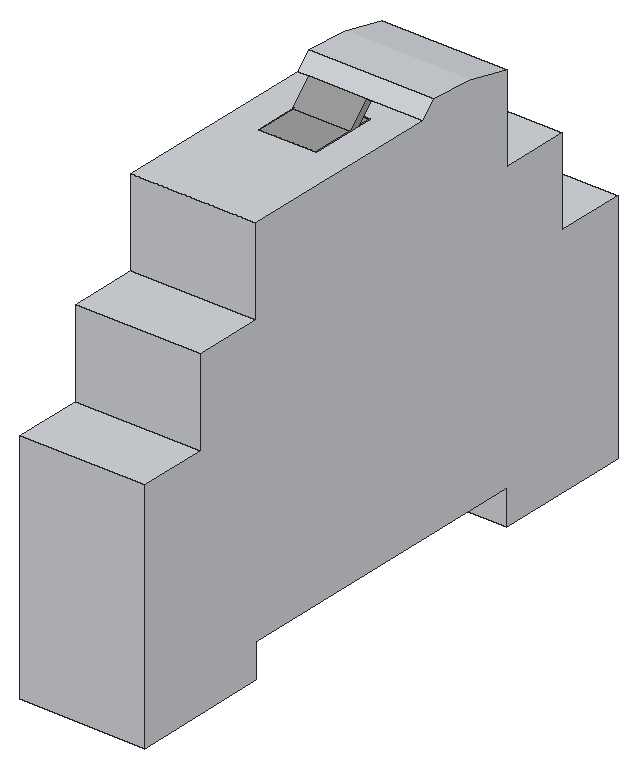
Revit family "Power-ModularDevices-GEWISS-90AM-SWITCH_ON_OFF", category Apparecchi elettrici, host Superficie, Revit 2016 (continued)
Definition of nested family "90AM INTERRUTTORI NON AUTOMATICI_generico"
  Automatic sketch dimensions
    curve 338 to plane 3 "Centro (Sinistra/Destra)" = 0.221 mm
    curve 337 to plane 3 "Centro (Sinistra/Destra)" = 0.086 mm
    plane 3 "Centro (Sinistra/Destra)" to curve 336 = 0.109 mm
    plane 3 "Centro (Sinistra/Destra)" to curve 331 = 0.201 mm
    plane 3 "Centro (Sinistra/Destra)" to curve 332 = 0.536 mm
    curve 332 to curve 326 = 0.07 mm
    curve 326 to curve 326 = 0.54 mm
    curve 333 to curve 325 = 0 mm
    curve 325 to curve 350 = 0.173 mm
    curve 334 to curve 346 = 0.173 mm
    curve 325 to curve 355 = 0.713 mm
    curve 354 to curve 350 = 0.443 mm
    curve 348 to curve 353 = 0.54 mm
    curve 346 to curve 353 = 0 mm
    curve 352 to curve 361 = 0.173 mm
    curve 346 to curve 358 = 0.173 mm
    curve 358 to curve 377 = 0.424 mm
    curve 376 to curve 371 = 0.116 mm
    curve 362 to curve 363 = 0.54 mm
    curve 376 to curve 375 = 0.23 mm
    curve 365 to plane 18 = 0.262 mm
    curve 375 to curve 375 = 0.204 mm
    curve 361 to plane 18 = 0.198 mm
    curve 374 to plane 18 = 0.061 mm
    curve 365 to plane 18 = 0.061 mm
    plane 18 to curve 373 = 0.079 mm
    plane 18 to curve 366 = 0.17 mm
    plane 18 to curve 371 = 0.177 mm
    plane 18 to curve 368 = 0.277 mm
    curve 328 to plane 4 = 0.772 mm
    curve 364 to plane 4 = 0.772 mm
    curve 313 to plane 4 = 0.772 mm
    curve 313 to curve 345 = 0 mm
    curve 352 to curve 362 = 0 mm
    curve 331 to curve 327 = 0 mm
    curve 313 to curve 295 = 0 mm
    curve 295 to curve 297 = 0.031 mm
    curve 363 to curve 364 = 0.1 mm
    curve 296 to curve 297 = 0.132 mm
    curve 364 to curve 365 = 0.131 mm
    curve 297 to curve 299 = 0.219 mm
    curve 365 to curve 367 = 0.283 mm
    curve 297 to curve 309 = 0.378 mm
    curve 365 to curve 360 = 0.309 mm
    curve 313 to curve 322 = 0.54 mm
    curve 349 to curve 361 = 0 mm
    curve 298 to curve 299 = 0.296 mm
    curve 322 to curve 321 = 0.173 mm
    curve 361 to curve 359 = 0.173 mm
    curve 349 to curve 348 = 0.173 mm
    curve 330 to curve 330 = 0.81 mm
    curve 366 to curve 367 = 0.317 mm
    curve 299 to curve 300 = 0.315 mm
    curve 329 to curve 339 = 0.324 mm
    curve 329 to curve 337 = 0.324 mm
    curve 310 to curve 312 = 0.713 mm
    curve 336 to curve 327 = 0.119 mm
    curve 358 to curve 353 = 0.54 mm
    curve 359 to curve 369 = 0.54 mm
    curve 320 to curve 320 = 0.54 mm
    curve 300 to curve 301 = 0.291 mm
    curve 326 to curve 333 = 0.173 mm
    curve 318 to curve 343 = 0.173 mm
    curve 369 to curve 371 = 0.173 mm
    curve 353 to curve 357 = 0.173 mm
    curve 311 to curve 309 = 0.173 mm
    curve 318 to curve 317 = 0.173 mm
    curve 301 to curve 303 = 0.256 mm
    curve 371 to curve 372 = 0.163 mm
    curve 372 to curve 374 = 0.146 mm
    curve 302 to curve 303 = 0.234 mm
    curve 373 to curve 375 = 0.128 mm
    curve 303 to curve 304 = 0.142 mm
    curve 374 to curve 376 = 0.075 mm
    curve 304 to curve 305 = 0.051 mm
    curve 316 to curve 315 = 0.54 mm
    curve 315 to curve 341 = 0 mm
    curve 333 to curve 347 = 0.54 mm
    curve 346 to curve 358 = 0 mm
    curve 340 to curve 339 = 0 mm
    curve 337 to curve 336 = 0 mm
    plane 20 to curve 288 = 0 mm
    curve 378 to plane 3 "Centro (Sinistra/Destra)" = 0.069 mm
    curve 371 to curve 369 = 0.074 mm
    curve 369 to curve 368 = 0.029 mm
    plane 18 to curve 378 = 0.911 mm
    plane 16 to curve 290 = 0.3 mm
    curve 368 to curve 369 = 0.14 mm
    curve 375 to curve 378 = 4.425 mm
    plane 20 to curve 290 = 5.361 mm
    curve 292 to plane 19 = 3.56 mm
    plane 19 to curve 289 = 1.539 mm
    plane 19 to curve 287 = 1.539 mm
Types (5, lengths in mm): name | URL | Technical sheet | Rated current (In) | Produttore | Number of poles | Modello | Immagine tipo | IDT | EAN code | Descrizione
  (no name) | 0 | "" | "" | "GEWISS" | "" | "GW96539" | GW96539.jpg | "" | "" | "INTERR.NON AUTOM+SPIA - 16A 1P 230V - 1 MOD"
  GW96542 - ON-OFF SWITCH+IND.LAMP 32A 2P 230V 1M | "https://www.gewiss.com/ww/en" | "https://www.gewiss.com/ww/en/search?q=GW96542" | "32A" | "GEWISS S.p.A." | "2P" | "GW96542" | GW96542.jpg | "f30bf467-093b-4f72-8385-68cf8ffc79e1" | "8011564447912" | "ON-OFF SWITCH+IND.LAMP 32A 2P 230V 1M"
  GW96541 - ON-OFF SWITCH+IND.LAMP 16A 2P 230V 1M | "https://www.gewiss.com/ww/en" | "https://www.gewiss.com/ww/en/search?q=GW96541" | "16A" | "GEWISS S.p.A." | "2P" | "GW96541" | GW96541.jpg | "2ea82782-cccc-48be-a83c-d6a35541c918" | "8011564447905" | "ON-OFF SWITCH+IND.LAMP 16A 2P 230V 1M"
  GW96540 - ON-OFF SWITCH+IND.LAMP 32A 1P 230V 1M | "https://www.gewiss.com/ww/en" | "https://www.gewiss.com/ww/en/search?q=GW96540" | "32A" | "GEWISS S.p.A." | "1P" | "GW96540" | GW96540.jpg | "76185f5c-c1f9-4c96-bf35-4b662e204f60" | "8011564447899" | "ON-OFF SWITCH+IND.LAMP 32A 1P 230V 1M"
  GW96539 - ON-OFF SWITCH+IND.LAMP 16A 1P 230V 1M | "https://www.gewiss.com/ww/en" | "https://www.gewiss.com/ww/en/search?q=GW96539" | "16A" | "GEWISS S.p.A." | "1P" | "GW96539" | GW96539.jpg | "9bc91f3f-0294-4c24-a02e-2fbe982bc86b" | "8011564447745" | "ON-OFF SWITCH+IND.LAMP 16A 1P 230V 1M"
